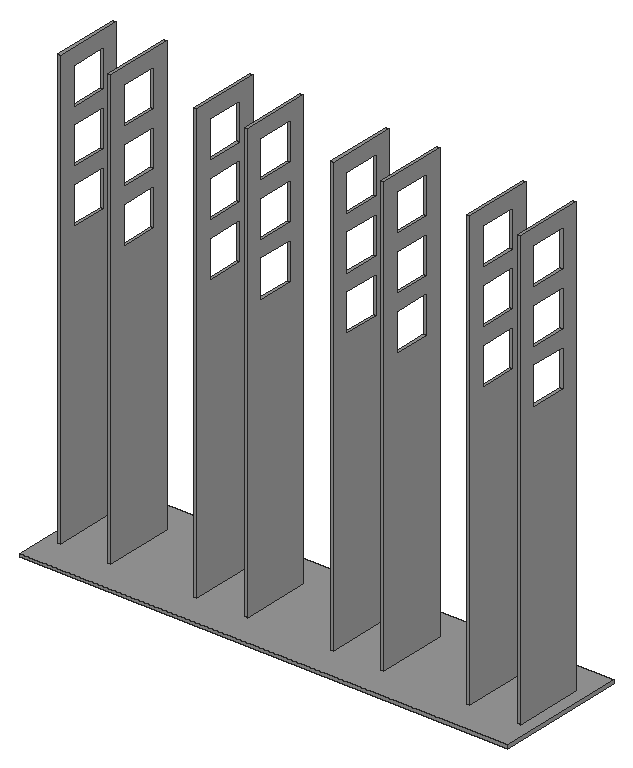
Revit family "14133 Велопарковка «Фрейм» Хоббика", category Антураж, Revit 2018
Family settings
  На основе рабочей плоскости = Нет
  Всегда вертикально = Да
  При загрузке вырезать с полостями = Нет
  Источник визуального образа = Геометрия семейства
  Общий = Нет
  Точка расчета площади = Нет
Parameters (values of type "Велопарковка «Фрейм» на 4 места")
  Ширина = 210 mm  # constant formula
  Цвет каркаса = Сталь
  Описание = "Велопарковка «Фрейм» на 4 места"  # constant formula
  Материал изделия = "Сталь"  # constant formula
  Ключевая пометка = "Велопарковки"  # constant formula
  Изображение типоразмера = Велопарковка «Фрейм» Арт 14133.jpg
  Длина = 775 mm  # constant formula
  Группа модели = "ООО «Хоббика»"  # constant formula
  Высота = 700 mm  # constant formula
  Артикул товара = "Арт. 14133"  # constant formula
  URL = "https://hobbyka.ru/product/veloparkovka_freym/"
Reference planes
  plane 1 "По центру (Вперед/Назад)": y = 0
  plane 2: z = 0
  plane 3 "По центру (Влево/Вправо)": x = 0
  plane 4: y = 210
  plane 5: x = 775
  plane 6: z = 700
Forms (mm)
  Extrusion 1, solid, material "Сталь" <- "Цвет каркаса"
    sketch origin (0, 0, 0) x (1, 0, 0) y (0, 1, 0)
      loop
        line (0, 210) -> (0, 0) -> (775, 0) -> (775, 210) -> (0, 210)
    from 0 to 5
  Extrusion 2, solid, material "Сталь" <- "Цвет каркаса"
    sketch origin (0, 0, 0) x (1, 0, 0) y (0, 1, 0)
      loop
        line (20, 160) -> (20, 50) -> (25, 50) -> (25, 160) -> (20, 160)
      loop
        line (100, 160) -> (100, 50) -> (105, 50) -> (105, 160) -> (100, 160)
    from 0 to 700
  Extrusion 3, void
    sketch origin (0, 0, 0) x (0, 1, 0) y (0, 0, 1)
      loop
        line (135, 675) -> (75, 675) -> (75, 615) -> (135, 615) -> (135, 675)
      loop
        line (135, 590) -> (75, 590) -> (75, 530) -> (135, 530) -> (135, 590)
      loop
        line (135, 505) -> (75, 505) -> (75, 445) -> (135, 445) -> (135, 505)
    from 0 to 775
  Extrusion 4, solid, material "Сталь" <- "Цвет каркаса"
    sketch origin (650, 0, 0) x (1, 0, 0) y (0, 1, 0)
      loop
        line (20, 160) -> (20, 50) -> (25, 50) -> (25, 160) -> (20, 160)
      loop
        line (100, 160) -> (100, 50) -> (105, 50) -> (105, 160) -> (100, 160)
    from 0 to 700
  Extrusion 5, solid, material "Сталь" <- "Цвет каркаса"
    sketch origin (216.667, 0, 0) x (1, 0, 0) y (0, 1, 0)
      loop
        line (20, 160) -> (20, 50) -> (25, 50) -> (25, 160) -> (20, 160)
      loop
        line (100, 160) -> (100, 50) -> (105, 50) -> (105, 160) -> (100, 160)
    from 0 to 700
  Extrusion 6, solid, material "Сталь" <- "Цвет каркаса"
    sketch origin (433.333, 0, 0) x (1, 0, 0) y (0, 1, 0)
      loop
        line (20, 160) -> (20, 50) -> (25, 50) -> (25, 160) -> (20, 160)
      loop
        line (100, 160) -> (100, 50) -> (105, 50) -> (105, 160) -> (100, 160)
    from 0 to 700
Cuts and joins
  Extrusion 3 cuts Extrusion 2
  Extrusion 3 cuts Extrusion 4
  Extrusion 3 cuts Extrusion 5
  Extrusion 3 cuts Extrusion 6
  joined: Extrusion 1, Extrusion 2, Extrusion 4, Extrusion 5, Extrusion 6
Dimensions and locks
  "Длина": plane 3 "По центру (Влево/Вправо)" to plane 5
  "Ширина": plane 4 to plane 1 "По центру (Вперед/Назад)"
  "Высота": plane 6 to plane 2
  aligned and locked: level to plane 2
Automatic sketch dimensions
  plane 1 "По центру (Вперед/Назад)" to Extrusion 1 sketch curve = 0 mm
  Extrusion 1 sketch curve to plane 3 "По центру (Влево/Вправо)" = 0 mm
  Extrusion 1 sketch curve to plane 5 = 0 mm
  Extrusion 1 sketch curve to plane 4 = 0 mm
  Extrusion 2 sketch curve to Extrusion 2 sketch curve = 5 mm  (x2)
  Extrusion 2 sketch curve to Extrusion 2 sketch curve = 75 mm
  Extrusion 2 sketch curve to Extrusion 2 sketch curve = 0 mm  (x2)
  Extrusion 2 sketch curve to Extrusion 2 sketch curve = 110 mm
  Extrusion 4 sketch curve to Extrusion 4 sketch curve = 5 mm  (x2)
  Extrusion 4 sketch curve to Extrusion 4 sketch curve = 75 mm
  Extrusion 4 sketch curve to Extrusion 4 sketch curve = 0 mm  (x2)
  Extrusion 4 sketch curve to Extrusion 4 sketch curve = 110 mm
  Extrusion 5 sketch curve to Extrusion 5 sketch curve = 5 mm  (x2)
  Extrusion 5 sketch curve to Extrusion 5 sketch curve = 75 mm
  Extrusion 5 sketch curve to Extrusion 5 sketch curve = 0 mm  (x2)
  Extrusion 5 sketch curve to Extrusion 5 sketch curve = 110 mm
  Extrusion 6 sketch curve to Extrusion 6 sketch curve = 5 mm  (x2)
  Extrusion 6 sketch curve to Extrusion 6 sketch curve = 75 mm
  Extrusion 6 sketch curve to Extrusion 6 sketch curve = 0 mm  (x2)
  Extrusion 6 sketch curve to Extrusion 6 sketch curve = 110 mm
  Extrusion 4 sketch curve to plane 1 "По центру (Вперед/Назад)" = 50 mm
  Extrusion 4 sketch curve to plane 5 = 105 mm
  Extrusion 6 sketch curve to plane 1 "По центру (Вперед/Назад)" = 50 mm
  Extrusion 6 sketch curve to plane 5 = 321.667 mm
  Extrusion 5 sketch curve to plane 1 "По центру (Вперед/Назад)" = 50 mm
  plane 3 "По центру (Влево/Вправо)" to Extrusion 5 sketch curve = 236.667 mm
  plane 3 "По центру (Влево/Вправо)" to Extrusion 2 sketch curve = 20 mm
  Extrusion 2 sketch curve to plane 1 "По центру (Вперед/Назад)" = 50 mm
  Extrusion 3 sketch curve to plane 1 "По центру (Вперед/Назад)" = 75 mm  (x2)
  Extrusion 3 sketch curve to plane 6 = 25 mm
  Extrusion 3 sketch curve to Extrusion 3 sketch curve = 0 mm  (x3)
  Extrusion 3 sketch curve to Extrusion 3 sketch curve = 60 mm  (x4)
  Extrusion 3 sketch curve to Extrusion 3 sketch curve = 25 mm  (x2)
